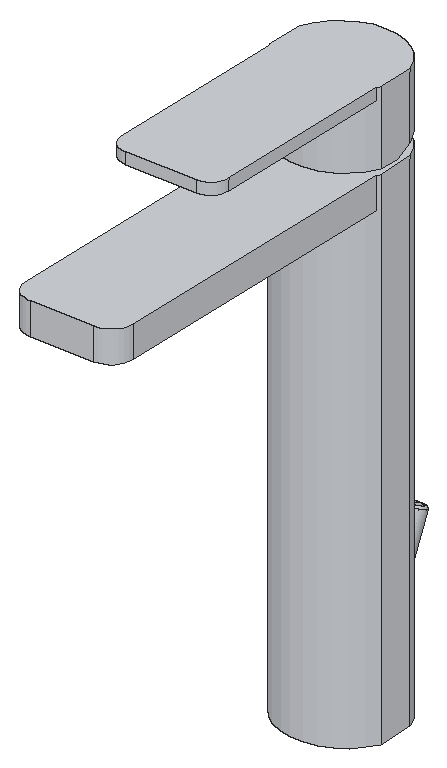
Revit family "Faucet-Lavatory-KOHLER-PARALLEL-K-23475T_1", category Plumbing Fixtures, host Face, Revit 2017
Family settings
  Host = Face
  Round Connector Dimension = Use Diameter
  Part Type = Normal
  OmniClass Number = 23.31.11.00
  OmniClass Title = Faucets
  Cut with Voids When Loaded = No
  Shared = No
  Room Calculation Point = No
Parameters (values of type "With Drain, CP-Polished Chrome")
  Width = 1 15/16"
  WaterSense Certified = 1 = 0  # no
  Waste Water Outlet = "Waste Water Outlet"  # constant formula
  Waste Connection = 1 = 0  # no
  Vent Connection = 1 = 0  # no
  URL = "http://www.kohler.com.cn/en/"
  Type = 1
  Spout Reach = 5 11/32"  # constant formula
  Product Page URL = "http://www.kohler.com.cn/product/K-23475T-4-CP/K-23475T-4-CP/"
  Product Name = "PARALLEL"  # constant formula
  Product Documentation Link = "http://files.kohler.com.cn/pdfs/1546934955021_K-23475T-4-CP_01%20%2023478.pdf"
  Pressure = 0.00 psi
  Model = if(Type = 1, "K-23475T-4-CP", if(Type = 2, "K-23475T-4-BN", if(Type = 3, "K-23475T-4-BL", if(Type = 4, "K-23475T-4-AF", if(Type = 5, "K-23475T-4-RGD", if(Type = 6, "K-23475T-4ND-CP", "NA"))))))  # "K-23475T-4-CP"
  Material = "Premium Metal Construction"  # constant formula
  Master Format 2014 Name = "Residential Faucets, Supplies, and Trim"  # constant formula
  Master Format 2014 = "22 41 39"  # constant formula
  Manufacturer Address = "158 Jiangchang 3rd Road Zhabei District Shanghai, 200436 China "  # constant formula
  Manufacturer = "KOHLER Co."  # constant formula
  Lift Rod = not(Type = 6)  # yes
  Length = Spout Reach  # 5 11/32"
  Hot Water Inlet = "Hot Water Inlet"  # constant formula
  Height = 10 9/32"  # constant formula
  Handle Clearance = 3 15/16"  # constant formula
  HW Connection = 1 = 1  # yes
  Flow Rate = 0 GPM
  Finish = Kohler-Metal-CP-Polished_Chrome
  Environmental Product Declaration = ""
  Drain Included = if(Type = 6, 1 = 0, 1 = 1)  # yes
  Description = "Single handle bowl faucet"  # constant formula
  Default Elevation = 36"
  Declare Label = ""
  Date Modified = "04/21/2020"  # constant formula
  Date Created = "04/21/2020"  # constant formula
  Copyright = "Copyright KOHLER Co."  # constant formula
  Contact Us = "http://www.kohler.com.cn/en/contact/contact-us/"
  Cold Water Inlet = "Cold Water Inlet"  # constant formula
  CW Connection = 1 = 1  # yes
  Assembly Code = "D2010"
  ADA Compliant = 1 = 0  # no
Types (7): name | Type | Product Page URL | Product Documentation Link | Model | Lift Rod | Finish | Drain Included
  (no name) | 1 | "http://www.kohler.com.cn/product/K-23475T-4-CP/K-23475T-4-CP/" | "http://files.kohler.com.cn/pdfs/1546934955021_K-23475T-4-CP_01%20%2023478.pdf" | "K-23475T-4-CP" | yes | Kohler-Metal-CP-Polished_Chrome | yes
  With Drain, CP-Polished Chrome | 1 | "http://www.kohler.com.cn/product/K-23475T-4-CP/K-23475T-4-CP/" | "http://files.kohler.com.cn/pdfs/1546934955021_K-23475T-4-CP_01%20%2023478.pdf" | "K-23475T-4-CP" | yes | Kohler-Metal-CP-Polished_Chrome | yes
  With Drain, BN-Roman silver | 2 | "http://www.kohler.com.cn/product/K-23475T-4-CP/K-23475T-4-BN/" | "http://files.kohler.com.cn/pdfs/1546934955021_K-23475T-4-CP_01%20%2023478.pdf" | "K-23475T-4-BN" | yes | Kohler-Metal-BN-Roman_Silver | yes
  With Drain, BL-Matte Black | 3 | "http://www.kohler.com.cn/product/K-23475T-4-CP/K-23475T-4-BL/" | "http://files.kohler.com.cn/pdfs/1546934955021_K-23475T-4-CP_01%20%2023478.pdf" | "K-23475T-4-BL" | yes | Kohler-Metal-BL-Matte_Black | yes
  With Drain, AF- Flange Gold | 4 | "http://www.kohler.com.cn/product/K-23475T-4-CP/K-23475T-4-AF/" | "http://files.kohler.com.cn/pdfs/1546934955021_K-23475T-4-CP_01%20%2023478.pdf" | "K-23475T-4-AF" | yes | Kohler-Metal-AF-Flange_Gold | yes
  With Drain, RGD-Rose Gold | 5 | "http://www.kohler.com.cn/product/K-23475T-4-CP/K-23475T-4-RGD/" | "http://files.kohler.com.cn/pdfs/1546934955021_K-23475T-4-CP_01%20%2023478.pdf" | "K-23475T-4-RGD" | yes | Kohler-Metal-RGD-Rose_Gold | yes
  Without Drain, CP-Polished Chrome | 6 | "" | "" | "K-23475T-4ND-CP" | no | Kohler-Metal-CP-Polished_Chrome | no
Reference planes (in)
  plane 1 "Center (Front/Back)": y = 0
  plane 2: z = 0
  plane 3 "Center (Left/Right)": x = 0
  plane 4: x = 0.96875
  plane 5: x = 0.9375
  plane 6: x = -0.96875
  plane 7: x = -0.9375
  plane 8: y = -6.09375
  plane 9: y = -3.9375
  plane 10: y = -0.96875
  plane 11: y = 0.96875
  plane 12: y = -5.34375
  plane 13: z = 8.21875
  plane 14: z = 10.28125
  plane 15: y = -3.9375
  plane 16: y = 1.74173
  plane 17: x = -0.43503
  plane 18: x = 0.43503
  plane 19: y = 2.375
Dimensions and locks (in)
  "Spout Reach": plane 1 "Center (Front/Back)" to plane 12
  "Height": level to plane 14
  "Handle Clearance": plane 9 to plane 1 "Center (Front/Back)"
  "Width": plane 6 to plane 4
  locked: plane 7 to plane 5 at 1.875
  locked: level to plane 13 at 8.21875
  locked: plane 1 "Center (Front/Back)" to plane 8 at 6.09375
  "Length": plane 12 to plane 1 "Center (Front/Back)"
  locked: plane 19 to plane 1 "Center (Front/Back)" at 2.375
  aligned and locked: plane 2 to host face
  aligned and locked: level to host face
Automatic sketch dimensions
  host sketch curve to host sketch curve = 96"  (x2)
Nested families (in)
  nested 1: "K-23475T" at (0, 0, 0), type "K-23475T"
Connectors (in)
  piping at (0.43503, 0, 0), diameter 0.5, driven by "CW Connection", driven by "Cold Water Inlet"
    settings: on nested 1, index 1, connector inside diameter 24", connector length 0", flow factor 0, pipe flow 0 GPM, pressure drop 0.00 psi, fitting loss kfactor 0, connector angle 0.00°, fixture units 0, engagement length 0", angle of deflection 0.00°, flow configuration 0, flow direction 1, fitting loss method 0, system type 20, joint type 0, gender type 0, connector reference index -1, connector utility 1, adjustable connector no, is connector primary yes, connector description "Cold Water Inlet"
  piping at (-0.43503, 0, 0), diameter 0.5, driven by "HW Connection", driven by "Hot Water Inlet"
    settings: on nested 1, index 2, connector inside diameter 24", connector length 0", flow factor 0, pipe flow 0 GPM, pressure drop 0.00 psi, fitting loss kfactor 0, connector angle 0.00°, fixture units 0, engagement length 0", angle of deflection 0.00°, flow configuration 0, flow direction 1, fitting loss method 0, system type 19, joint type 0, gender type 0, connector reference index -1, connector utility 1, adjustable connector no, is connector primary no, connector description "Hot Water Inlet"
Definition of nested family "K-23475T"
  Parameters (values of type "K-23475T")
    Material = none
    4ND = yes
  Reference planes (in)
    plane 1 "Center (Front/Back)": y = 0
    plane 2: z = 0
    plane 3 "Center (Left/Right)": x = 0
    plane 4: y = 0.96875
    plane 5: y = -0.96875
    plane 6: z = 10.28125
    plane 7: z = 8.21875
    plane 8: x = -0.96875
    plane 9: x = 0.96875
    plane 10: x = -0.9375
    plane 11: x = 0.9375
    plane 12: y = -6.09375
    plane 13: y = -5.34375
    plane 14: through (0, -5.34375, 8.10251) normal (0, -0.9063, 0.4226)
    plane 15: y = 2.375
    plane 16: y = 1.74173
    plane 17: y = -3.9375
    plane 18: x = -0.43503
    plane 19: x = 0.43503
  Forms (in)
    Extrusion 1, solid, material <- "Material", detail levels medium+fine
      sketch origin (0, 0, 0) x (1, 0, 0) y (0, 1, 0)
        loop
          line (-0.96875, 0.29419) -> (-0.96875, -0.35108)
          arc (-0.96875, -0.35108) -> (0, -0.96875) -> (0.96875, -0.35108) r 1.06853
          line (0.96875, -0.35108) -> (0.96875, 0.29419)
          arc (0.96875, 0.29419) -> (0, 0.96875) -> (-0.96875, 0.29419) r 1.0329
      from 0 to 8.91732
    Extrusion 2, solid, material <- "Material", detail levels medium+fine
      sketch origin (0, 0, 0) x (1, 0, 0) y (0, 1, 0)
        loop
          line (-0.55477, -6.09375) -> (0.55477, -6.09375)
          arc (0.55477, -6.09375) -> (0.8254, -5.98165) -> (0.9375, -5.71102) r 0.38273
          line (0.9375, -5.71102) -> (0.9375, 0) -> (-0.9375, 0) -> (-0.9375, -5.71102)
          arc (-0.9375, -5.71102) -> (-0.8254, -5.98165) -> (-0.55477, -6.09375) r 0.38273
      from 8.36614 to 8.91732
    Extrusion 3, solid, material <- "Material", detail levels medium+fine
      sketch origin (0, 0, 9) x (1, 0, 0) y (0, 1, 0)
        loop
          line (-0.96875, 0.29419) -> (-0.96875, -0.35108)
          arc (-0.96875, -0.35108) -> (0, -0.96875) -> (0.96875, -0.35108) r 1.06853
          line (0.96875, -0.35108) -> (0.96875, 0.29419)
          arc (0.96875, 0.29419) -> (0, 0.96875) -> (-0.96875, 0.29419) r 1.0329
      from 0 to 1.28125
    Revolve 4, solid, material <- "Material", detail levels medium+fine
      sketch origin (0, 0, 0) x (0, 1, 0) y (0, 0, 1)
        loop
          line (0, 9.53196) -> (0, 8.91732) -> (0.78685, 8.91732)
          arc (0.78685, 8.91732) -> (0.76344, 8.93263) -> (0.75436, 8.95908) r 0.04309
          line (0.75436, 8.95908) -> (0.75436, 9.53196) -> (0, 9.53196)
        axis (0, 9.53196) -> (0, 8.91732)
      angle from 0 to 360
    Extrusion 5, void
      sketch origin (0, 0, 0) x (0, 1, 0) y (0, 0, 1)
        loop
          line (-0.00884, 9) -> (1.24564, 9) -> (1.24564, 9.35039) -> (0.8223, 9.35039)
          arc (0.8223, 9.35039) -> (0.77912, 9.34586) -> (0.73782, 9.33244) r 0.2077
          line (0.73782, 9.33244) -> (-0.00884, 9)
      from -1.5494 to 12
    Extrusion 6, solid, material <- "Material", detail levels medium+fine
      sketch origin (0, 0, 0) x (1, 0, 0) y (0, 1, 0)
        loop
          line (-0.9375, 0) -> (-0.9375, -3.61531)
          arc (-0.9375, -3.61531) -> (-0.84313, -3.84313) -> (-0.61531, -3.9375) r 0.32219
          line (-0.61531, -3.9375) -> (0.62024, -3.9375)
          arc (0.62024, -3.9375) -> (0.84458, -3.84458) -> (0.9375, -3.62024) r 0.31726
          line (0.9375, -3.62024) -> (0.9375, 0) -> (-0.9375, 0)
      from 10.08661 to 10.28125
    Revolve 7, solid, material <- "Material", detail levels medium+fine
      sketch origin (0, 0, 0) x (0, 1, 0) y (0, 0, 1)
        loop
          line (-5.31322, 8.13228) -> (-4.99308, 8.04529)
          arc (-4.99308, 8.04529) -> (-4.94482, 8.07054) -> (-4.90967, 8.11213) r 0.1416
          line (-4.90967, 8.11213) -> (-4.77345, 8.07512)
          arc (-4.77345, 8.07512) -> (-4.74981, 8.07729) -> (-4.73335, 8.0944) r 0.03399
          arc (-4.73335, 8.0944) -> (-4.62587, 8.25463) -> (-4.46843, 8.36614) r 0.53346
          line (-4.46843, 8.36614) -> (-5.24969, 8.36614) -> (-5.31322, 8.13228)
        axis (-5.19598, 8.56381) -> (-5.31323, 8.13228)
      angle from 0 to 360
    Revolve 8, solid, material <- "Material", visible <- "4ND", detail levels medium+fine
      sketch origin (0, 0, 0) x (0, 1, 0) y (0, 0, 1)
        loop
          line (1.15929, 1.92054) -> (0.80011, 1.13238) -> (0.88072, 1.09565) -> (1.56643, 2.60031) -> (1.40608, 2.67339)
          arc (1.40608, 2.67339) -> (1.37535, 2.67446) -> (1.35286, 2.65349) r 0.04018
          line (1.35286, 2.65349) -> (1.05419, 1.99812)
          arc (1.05419, 1.99812) -> (1.05347, 1.97746) -> (1.06757, 1.96234) r 0.02701
          line (1.06757, 1.96234) -> (1.15929, 1.92054)
        axis (1.56643, 2.60031) -> (0.88072, 1.09565)
      angle from 0 to 360
    Extrusion 9, solid, detail levels medium+fine
      sketch origin (0, -2.25518, -1.03743) x (1, 0, 0) y (0, 0.965926, -0.258819)
        loop
          line (-0.17669, -5.13203) -> (-0.1363, -5.17101)
          spline (-0.1363, -5.17101) -> (-0.13379, -5.16881) -> (-0.13124, -5.16664) -> (-0.12865, -5.16452) -> (-0.12602, -5.16244) -> (-0.12336, -5.16041) -> (-0.12066, -5.15842) -> (-0.11793, -5.15647) -> (-0.11517, -5.15457) -> (-0.11237, -5.15271) -> (-0.10954, -5.1509) -> (-0.10668, -5.14913) -> (-0.10378, -5.14742)
          line (-0.10378, -5.14742) -> (-0.13233, -5.0997)
          spline (-0.13233, -5.0997) -> (-0.13629, -5.10203) -> (-0.14021, -5.10444) -> (-0.14408, -5.1069) -> (-0.14791, -5.10944) -> (-0.15169, -5.11204) -> (-0.15542, -5.11471) -> (-0.1591, -5.11744) -> (-0.16272, -5.12024) -> (-0.1663, -5.12309) -> (-0.16982, -5.12601) -> (-0.17328, -5.12899) -> (-0.17669, -5.13203)
        loop
          line (-0.21891, -5.18697) -> (-0.16948, -5.21355)
          spline (-0.16948, -5.21355) -> (-0.16766, -5.21075) -> (-0.16579, -5.20798) -> (-0.16387, -5.20523) -> (-0.1619, -5.20252) -> (-0.15989, -5.19984) -> (-0.15783, -5.1972) -> (-0.15573, -5.19458) -> (-0.15358, -5.192) -> (-0.15139, -5.18946) -> (-0.14916, -5.18695) -> (-0.14688, -5.18447) -> (-0.14456, -5.18204)
          line (-0.14456, -5.18204) -> (-0.18496, -5.14383)
          spline (-0.18496, -5.14383) -> (-0.18815, -5.14715) -> (-0.19127, -5.15052) -> (-0.19433, -5.15395) -> (-0.19732, -5.15743) -> (-0.20026, -5.16095) -> (-0.20312, -5.16453) -> (-0.20592, -5.16816) -> (-0.20866, -5.17183) -> (-0.21133, -5.17555) -> (-0.21392, -5.17931) -> (-0.21645, -5.18312) -> (-0.21891, -5.18697)
        loop
          line (-0.25594, -5.30951) -> (-0.19981, -5.30902)
          spline (-0.19981, -5.30902) -> (-0.19956, -5.30568) -> (-0.19926, -5.30235) -> (-0.1989, -5.29903) -> (-0.19848, -5.2957) -> (-0.19801, -5.29239) -> (-0.19748, -5.28907) -> (-0.1969, -5.28577) -> (-0.19626, -5.28248) -> (-0.19556, -5.27919) -> (-0.19481, -5.27592) -> (-0.19401, -5.27265) -> (-0.19315, -5.2694)
          line (-0.19315, -5.2694) -> (-0.24695, -5.25536)
          spline (-0.24695, -5.25536) -> (-0.24814, -5.2598) -> (-0.24925, -5.26426) -> (-0.25029, -5.26874) -> (-0.25124, -5.27323) -> (-0.25211, -5.27773) -> (-0.2529, -5.28225) -> (-0.25361, -5.28677) -> (-0.25424, -5.29131) -> (-0.25479, -5.29585) -> (-0.25525, -5.3004) -> (-0.25564, -5.30495) -> (-0.25594, -5.30951)
        loop
          line (-0.24707, -5.24153) -> (-0.1927, -5.25546)
          spline (-0.1927, -5.25546) -> (-0.1916, -5.2523) -> (-0.19045, -5.24916) -> (-0.18925, -5.24604) -> (-0.18799, -5.24294) -> (-0.18669, -5.23985) -> (-0.18533, -5.23679) -> (-0.18391, -5.23374) -> (-0.18245, -5.23072) -> (-0.18093, -5.22773) -> (-0.17937, -5.22475) -> (-0.17775, -5.22181) -> (-0.17609, -5.21888)
          line (-0.17609, -5.21888) -> (-0.22448, -5.19151)
          spline (-0.22448, -5.19151) -> (-0.22678, -5.19549) -> (-0.229, -5.19952) -> (-0.23114, -5.20358) -> (-0.23321, -5.20767) -> (-0.23521, -5.2118) -> (-0.23714, -5.21596) -> (-0.23899, -5.22015) -> (-0.24076, -5.22438) -> (-0.24245, -5.22863) -> (-0.24407, -5.2329) -> (-0.24561, -5.23721) -> (-0.24707, -5.24153)
        loop
          line (-0.24522, -5.37164) -> (-0.19097, -5.3572)
          spline (-0.19097, -5.3572) -> (-0.19156, -5.35391) -> (-0.19209, -5.35061) -> (-0.19257, -5.3473) -> (-0.19299, -5.34398) -> (-0.19336, -5.34065) -> (-0.19367, -5.33731) -> (-0.19393, -5.33396) -> (-0.19413, -5.33061) -> (-0.19427, -5.32726) -> (-0.19436, -5.3239) -> (-0.19439, -5.32054) -> (-0.19436, -5.31717)
          line (-0.19436, -5.31717) -> (-0.24997, -5.31695)
          spline (-0.24997, -5.31695) -> (-0.25002, -5.32155) -> (-0.24999, -5.32614) -> (-0.24988, -5.33073) -> (-0.24968, -5.33532) -> (-0.24941, -5.3399) -> (-0.24905, -5.34447) -> (-0.24861, -5.34903) -> (-0.2481, -5.35358) -> (-0.2475, -5.35812) -> (-0.24682, -5.36264) -> (-0.24606, -5.36715) -> (-0.24522, -5.37164)
        loop
          line (-0.22001, -5.43617) -> (-0.1717, -5.4076)
          spline (-0.1717, -5.4076) -> (-0.17316, -5.40459) -> (-0.17457, -5.40155) -> (-0.17592, -5.39849) -> (-0.17723, -5.39541) -> (-0.17848, -5.3923) -> (-0.17969, -5.38917) -> (-0.18084, -5.38602) -> (-0.18194, -5.38285) -> (-0.18298, -5.37966) -> (-0.18398, -5.37645) -> (-0.18492, -5.37322) -> (-0.1858, -5.36998)
          line (-0.1858, -5.36998) -> (-0.23939, -5.38482)
          spline (-0.23939, -5.38482) -> (-0.23819, -5.38926) -> (-0.23692, -5.39367) -> (-0.23557, -5.39806) -> (-0.23414, -5.40242) -> (-0.23264, -5.40676) -> (-0.23106, -5.41106) -> (-0.2294, -5.41533) -> (-0.22767, -5.41957) -> (-0.22587, -5.42378) -> (-0.22399, -5.42795) -> (-0.22204, -5.43208) -> (-0.22001, -5.43617)
        loop
          line (-0.13424, -5.53121) -> (-0.10565, -5.4829)
          spline (-0.10565, -5.4829) -> (-0.10838, -5.48097) -> (-0.11107, -5.47899) -> (-0.11374, -5.47696) -> (-0.11636, -5.47488) -> (-0.11896, -5.47276) -> (-0.12152, -5.4706) -> (-0.12405, -5.46839) -> (-0.12654, -5.46614) -> (-0.12899, -5.46385) -> (-0.13141, -5.46151) -> (-0.13378, -5.45914) -> (-0.13612, -5.45672)
          line (-0.13612, -5.45672) -> (-0.17595, -5.49552)
          spline (-0.17595, -5.49552) -> (-0.17276, -5.49884) -> (-0.16952, -5.5021) -> (-0.16622, -5.50529) -> (-0.16287, -5.50843) -> (-0.15947, -5.5115) -> (-0.15601, -5.51451) -> (-0.1525, -5.51746) -> (-0.14895, -5.52035) -> (-0.14534, -5.52316) -> (-0.14169, -5.52591) -> (-0.13799, -5.5286) -> (-0.13424, -5.53121)
        loop
          line (-0.18785, -5.48848) -> (-0.14782, -5.44913)
          spline (-0.14782, -5.44913) -> (-0.14996, -5.44656) -> (-0.15206, -5.44396) -> (-0.15411, -5.44131) -> (-0.15612, -5.43863) -> (-0.15808, -5.43592) -> (-0.16, -5.43317) -> (-0.16188, -5.43039) -> (-0.16371, -5.42757) -> (-0.16549, -5.42473) -> (-0.16722, -5.42185) -> (-0.16891, -5.41894) -> (-0.17055, -5.41601)
          line (-0.17055, -5.41601) -> (-0.219, -5.44329)
          spline (-0.219, -5.44329) -> (-0.21678, -5.44731) -> (-0.21448, -5.45129) -> (-0.21211, -5.45523) -> (-0.20968, -5.45912) -> (-0.20718, -5.46296) -> (-0.20461, -5.46676) -> (-0.20197, -5.47051) -> (-0.19928, -5.47421) -> (-0.19651, -5.47786) -> (-0.19369, -5.48145) -> (-0.1908, -5.485) -> (-0.18785, -5.48848)
        loop
          line (-0.07576, -5.55406) -> (-0.06003, -5.50018)
          spline (-0.06003, -5.50018) -> (-0.06315, -5.49898) -> (-0.06625, -5.49773) -> (-0.06933, -5.49642) -> (-0.07239, -5.49506) -> (-0.07543, -5.49365) -> (-0.07845, -5.49219) -> (-0.08144, -5.49067) -> (-0.08441, -5.48911) -> (-0.08735, -5.4875) -> (-0.09027, -5.48583) -> (-0.09317, -5.48412) -> (-0.09603, -5.48236)
          line (-0.09603, -5.48236) -> (-0.12501, -5.52981)
          spline (-0.12501, -5.52981) -> (-0.1211, -5.53223) -> (-0.11715, -5.53459) -> (-0.11317, -5.53687) -> (-0.10914, -5.53908) -> (-0.10508, -5.54121) -> (-0.10099, -5.54327) -> (-0.09686, -5.54526) -> (-0.0927, -5.54717) -> (-0.08851, -5.54901) -> (-0.08429, -5.55077) -> (-0.08004, -5.55245) -> (-0.07576, -5.55406)
        loop
          line (-0.0075, -5.56591) -> (-0.00694, -5.50978)
          spline (-0.00694, -5.50978) -> (-0.01027, -5.50947) -> (-0.01359, -5.5091) -> (-0.01691, -5.50868) -> (-0.02022, -5.5082) -> (-0.02353, -5.50766) -> (-0.02683, -5.50707) -> (-0.03012, -5.50643) -> (-0.03341, -5.50573) -> (-0.03668, -5.50497) -> (-0.03994, -5.50416) -> (-0.04319, -5.50329) -> (-0.04642, -5.50237)
          line (-0.04642, -5.50237) -> (-0.06147, -5.5559)
          spline (-0.06147, -5.5559) -> (-0.05705, -5.55717) -> (-0.05262, -5.55837) -> (-0.04816, -5.55949) -> (-0.04369, -5.56052) -> (-0.0392, -5.56148) -> (-0.0347, -5.56236) -> (-0.03019, -5.56315) -> (-0.02567, -5.56387) -> (-0.02114, -5.5645) -> (-0.0166, -5.56505) -> (-0.01205, -5.56552) -> (-0.0075, -5.56591)
        loop
          line (0.11821, -5.54173) -> (0.09169, -5.49226)
          spline (0.09169, -5.49226) -> (0.08862, -5.49359) -> (0.08553, -5.49487) -> (0.08241, -5.4961) -> (0.07928, -5.49727) -> (0.07612, -5.4984) -> (0.07295, -5.49947) -> (0.06975, -5.50049) -> (0.06653, -5.50145) -> (0.0633, -5.50236) -> (0.06005, -5.50322) -> (0.05679, -5.50403) -> (0.05351, -5.50478)
          line (0.05351, -5.50478) -> (0.06609, -5.55894)
          spline (0.06609, -5.55894) -> (0.07058, -5.55793) -> (0.07504, -5.55684) -> (0.07948, -5.55568) -> (0.0839, -5.55443) -> (0.08829, -5.55311) -> (0.09266, -5.55171) -> (0.097, -5.55024) -> (0.10131, -5.54869) -> (0.10558, -5.54706) -> (0.10983, -5.54536) -> (0.11404, -5.54358) -> (0.11821, -5.54173)
        loop
          line (0.0539, -5.56548) -> (0.04096, -5.51086)
          spline (0.04096, -5.51086) -> (0.03766, -5.51136) -> (0.03434, -5.5118) -> (0.03102, -5.51219) -> (0.02768, -5.51252) -> (0.02435, -5.51279) -> (0.021, -5.51301) -> (0.01765, -5.51318) -> (0.01429, -5.51328) -> (0.01094, -5.51333) -> (0.00758, -5.51333) -> (0.00422, -5.51327) -> (0.00085, -5.51315)
          line (0.00085, -5.51315) -> (-0.00089, -5.56873)
          spline (-0.00089, -5.56873) -> (0.0037, -5.56891) -> (0.0083, -5.569) -> (0.01289, -5.56901) -> (0.01748, -5.56895) -> (0.02207, -5.5688) -> (0.02664, -5.56857) -> (0.03122, -5.56825) -> (0.03578, -5.56786) -> (0.04033, -5.56739) -> (0.04487, -5.56683) -> (0.04939, -5.56619) -> (0.0539, -5.56548)
        loop
          line (0.16823, -5.50336) -> (0.13024, -5.46204)
          spline (0.13024, -5.46204) -> (0.1276, -5.46409) -> (0.12493, -5.4661) -> (0.12222, -5.46806) -> (0.11947, -5.46998) -> (0.11669, -5.47185) -> (0.11388, -5.47368) -> (0.11104, -5.47546) -> (0.10816, -5.47719) -> (0.10526, -5.47888) -> (0.10233, -5.48052) -> (0.09937, -5.48211) -> (0.09638, -5.48365)
          line (0.09638, -5.48365) -> (0.12202, -5.53298)
          spline (0.12202, -5.53298) -> (0.12612, -5.53089) -> (0.13017, -5.52873) -> (0.13419, -5.5265) -> (0.13816, -5.52419) -> (0.14208, -5.52182) -> (0.14596, -5.51938) -> (0.1498, -5.51687) -> (0.15359, -5.5143) -> (0.15732, -5.51166) -> (0.16101, -5.50896) -> (0.16465, -5.50619) -> (0.16823, -5.50336)
        loop
          line (0.21366, -5.45104) -> (0.1659, -5.42155)
          spline (0.1659, -5.42155) -> (0.16391, -5.42424) -> (0.16188, -5.4269) -> (0.1598, -5.42952) -> (0.15768, -5.43211) -> (0.15551, -5.43467) -> (0.1533, -5.43719) -> (0.15105, -5.43967) -> (0.14875, -5.44212) -> (0.14641, -5.44453) -> (0.14403, -5.4469) -> (0.14161, -5.44923) -> (0.13915, -5.45152)
          line (0.13915, -5.45152) -> (0.1772, -5.49207)
          spline (0.1772, -5.49207) -> (0.18057, -5.48895) -> (0.18389, -5.48577) -> (0.18715, -5.48253) -> (0.19034, -5.47924) -> (0.19348, -5.4759) -> (0.19656, -5.4725) -> (0.19957, -5.46905) -> (0.20252, -5.46554) -> (0.20541, -5.46199) -> (0.20822, -5.45839) -> (0.21098, -5.45474) -> (0.21366, -5.45104)
        loop
          line (0.25794, -5.33093) -> (0.20188, -5.32807)
          spline (0.20188, -5.32807) -> (0.20143, -5.33138) -> (0.20093, -5.33469) -> (0.20037, -5.33799) -> (0.19976, -5.34128) -> (0.19909, -5.34456) -> (0.19836, -5.34784) -> (0.19758, -5.3511) -> (0.19675, -5.35435) -> (0.19586, -5.35759) -> (0.19491, -5.36081) -> (0.19391, -5.36402) -> (0.19286, -5.36722)
          line (0.19286, -5.36722) -> (0.24573, -5.38444)
          spline (0.24573, -5.38444) -> (0.24718, -5.38008) -> (0.24856, -5.3757) -> (0.24986, -5.37129) -> (0.25108, -5.36687) -> (0.25222, -5.36242) -> (0.25328, -5.35796) -> (0.25425, -5.35349) -> (0.25515, -5.349) -> (0.25597, -5.34449) -> (0.25671, -5.33998) -> (0.25736, -5.33546) -> (0.25794, -5.33093)
        loop
          line (0.24503, -5.39825) -> (0.19158, -5.3811)
          spline (0.19158, -5.3811) -> (0.1903, -5.38419) -> (0.18896, -5.38726) -> (0.18758, -5.3903) -> (0.18614, -5.39333) -> (0.18465, -5.39633) -> (0.18311, -5.39931) -> (0.18152, -5.40226) -> (0.17987, -5.40519) -> (0.17818, -5.40809) -> (0.17644, -5.41096) -> (0.17465, -5.41381) -> (0.17282, -5.41663)
          line (0.17282, -5.41663) -> (0.21949, -5.44684)
          spline (0.21949, -5.44684) -> (0.22202, -5.443) -> (0.22447, -5.43912) -> (0.22686, -5.43519) -> (0.22917, -5.43123) -> (0.23141, -5.42723) -> (0.23358, -5.42319) -> (0.23568, -5.41911) -> (0.2377, -5.415) -> (0.23965, -5.41086) -> (0.24152, -5.40669) -> (0.24331, -5.40249) -> (0.24503, -5.39825)
        loop
          line (0.24817, -5.25515) -> (0.19462, -5.27197)
          arc (0.19462, -5.27197) -> (0.19943, -5.2918) -> (0.19623, -5.31196) r 0.05195
          line (0.19623, -5.31196) -> (0.25534, -5.30957)
          spline (0.25534, -5.30957) -> (0.25519, -5.30498) -> (0.25495, -5.30039) -> (0.25464, -5.29581) -> (0.25424, -5.29123) -> (0.25376, -5.28667) -> (0.25321, -5.28212) -> (0.25257, -5.27758) -> (0.25185, -5.27306) -> (0.25105, -5.26856) -> (0.25017, -5.26407) -> (0.24921, -5.2596) -> (0.24817, -5.25515)
        loop
          line (0.22013, -5.1918) -> (0.17314, -5.22249)
          spline (0.17314, -5.22249) -> (0.17472, -5.22543) -> (0.17626, -5.2284) -> (0.17775, -5.23139) -> (0.1792, -5.23442) -> (0.18059, -5.23746) -> (0.18193, -5.24054) -> (0.18322, -5.24363) -> (0.18446, -5.24675) -> (0.18564, -5.2499) -> (0.18678, -5.25306) -> (0.18786, -5.25624) -> (0.18889, -5.25944)
          line (0.18889, -5.25944) -> (0.24177, -5.24224)
          spline (0.24177, -5.24224) -> (0.24038, -5.23786) -> (0.23891, -5.23351) -> (0.23736, -5.22918) -> (0.23574, -5.22489) -> (0.23405, -5.22062) -> (0.23228, -5.2164) -> (0.23044, -5.2122) -> (0.22852, -5.20804) -> (0.22653, -5.20392) -> (0.22447, -5.19984) -> (0.22234, -5.1958) -> (0.22013, -5.1918)
        loop
          line (0.13023, -5.10065) -> (0.10382, -5.15018)
          spline (0.10382, -5.15018) -> (0.10662, -5.15199) -> (0.1094, -5.15385) -> (0.11215, -5.15576) -> (0.11487, -5.15772) -> (0.11756, -5.15972) -> (0.12021, -5.16177) -> (0.12283, -5.16386) -> (0.12542, -5.166) -> (0.12797, -5.16818) -> (0.13049, -5.17041) -> (0.13297, -5.17268) -> (0.13542, -5.17499)
          line (0.13542, -5.17499) -> (0.17348, -5.13446)
          spline (0.17348, -5.13446) -> (0.17015, -5.13129) -> (0.16677, -5.12818) -> (0.16333, -5.12513) -> (0.15985, -5.12214) -> (0.15631, -5.11922) -> (0.15272, -5.11637) -> (0.14909, -5.11358) -> (0.1454, -5.11086) -> (0.14168, -5.1082) -> (0.1379, -5.10562) -> (0.13409, -5.1031) -> (0.13023, -5.10065)
        loop
          line (0.18568, -5.14096) -> (0.14744, -5.18205)
          spline (0.14744, -5.18205) -> (0.14969, -5.18452) -> (0.1519, -5.18703) -> (0.15407, -5.18958) -> (0.15619, -5.19217) -> (0.15827, -5.1948) -> (0.16031, -5.19746) -> (0.16231, -5.20015) -> (0.16426, -5.20288) -> (0.16617, -5.20565) -> (0.16803, -5.20844) -> (0.16985, -5.21127) -> (0.17162, -5.21413)
          line (0.17162, -5.21413) -> (0.21881, -5.18473)
          spline (0.21881, -5.18473) -> (0.21641, -5.18081) -> (0.21393, -5.17694) -> (0.2114, -5.17311) -> (0.20879, -5.16933) -> (0.20612, -5.1656) -> (0.20339, -5.16192) -> (0.20059, -5.15829) -> (0.19773, -5.15472) -> (0.19481, -5.15119) -> (0.19183, -5.14773) -> (0.18878, -5.14432) -> (0.18568, -5.14096)
        loop
          line (0.07055, -5.08035) -> (0.05727, -5.13489)
          spline (0.05727, -5.13489) -> (0.06044, -5.13595) -> (0.0636, -5.13706) -> (0.06673, -5.13822) -> (0.06985, -5.13944) -> (0.07295, -5.14071) -> (0.07603, -5.14204) -> (0.07909, -5.14341) -> (0.08213, -5.14484) -> (0.08515, -5.14632) -> (0.08814, -5.14785) -> (0.0911, -5.14943) -> (0.09405, -5.15106)
          line (0.09405, -5.15106) -> (0.12084, -5.10234)
          spline (0.12084, -5.10234) -> (0.11683, -5.1001) -> (0.11278, -5.09793) -> (0.10869, -5.09583) -> (0.10457, -5.0938) -> (0.10042, -5.09185) -> (0.09624, -5.08998) -> (0.09202, -5.08818) -> (0.08778, -5.08646) -> (0.08351, -5.08482) -> (0.07921, -5.08325) -> (0.07489, -5.08176) -> (0.07055, -5.08035)
        loop
          line (0.00182, -5.07161) -> (0.0038, -5.12771)
          spline (0.0038, -5.12771) -> (0.00714, -5.12787) -> (0.01048, -5.12808) -> (0.01381, -5.12835) -> (0.01715, -5.12868) -> (0.02047, -5.12907) -> (0.0238, -5.12951) -> (0.02712, -5.13) -> (0.03043, -5.13056) -> (0.03373, -5.13116) -> (0.03702, -5.13183) -> (0.04031, -5.13255) -> (0.04358, -5.13332)
          line (0.04358, -5.13332) -> (0.05619, -5.07916)
          spline (0.05619, -5.07916) -> (0.05172, -5.07809) -> (0.04723, -5.0771) -> (0.04273, -5.07618) -> (0.03822, -5.07535) -> (0.03369, -5.0746) -> (0.02915, -5.07393) -> (0.02461, -5.07334) -> (0.02006, -5.07283) -> (0.0155, -5.0724) -> (0.01094, -5.07206) -> (0.00638, -5.07179) -> (0.00182, -5.07161)
        loop
          line (-0.12267, -5.10147) -> (-0.09393, -5.14968)
          spline (-0.09393, -5.14968) -> (-0.09092, -5.14821) -> (-0.08789, -5.14679) -> (-0.08484, -5.14543) -> (-0.08176, -5.14411) -> (-0.07866, -5.14284) -> (-0.07553, -5.14163) -> (-0.07239, -5.14047) -> (-0.06922, -5.13936) -> (-0.06603, -5.1383) -> (-0.06282, -5.1373) -> (-0.0596, -5.13634) -> (-0.05636, -5.13545)
          line (-0.05636, -5.13545) -> (-0.07138, -5.08191)
          spline (-0.07138, -5.08191) -> (-0.07582, -5.08312) -> (-0.08023, -5.08441) -> (-0.08461, -5.08578) -> (-0.08897, -5.08722) -> (-0.0933, -5.08874) -> (-0.0976, -5.09033) -> (-0.10186, -5.092) -> (-0.1061, -5.09375) -> (-0.11029, -5.09557) -> (-0.11446, -5.09746) -> (-0.11858, -5.09943) -> (-0.12267, -5.10147)
        loop
          line (-0.0595, -5.07483) -> (-0.0441, -5.1288)
          spline (-0.0441, -5.1288) -> (-0.04082, -5.12815) -> (-0.03753, -5.12756) -> (-0.03422, -5.12702) -> (-0.03091, -5.12654) -> (-0.02759, -5.12612) -> (-0.02425, -5.12574) -> (-0.02091, -5.12543) -> (-0.01757, -5.12517) -> (-0.01422, -5.12497) -> (-0.01086, -5.12482) -> (-0.0075, -5.12473) -> (-0.00413, -5.12469)
          line (-0.00413, -5.12469) -> (-0.00491, -5.06909)
          spline (-0.00491, -5.06909) -> (-0.00951, -5.06912) -> (-0.0141, -5.06924) -> (-0.01869, -5.06943) -> (-0.02328, -5.06971) -> (-0.02785, -5.07007) -> (-0.03241, -5.0705) -> (-0.03696, -5.07102) -> (-0.0415, -5.07162) -> (-0.04603, -5.0723) -> (-0.05054, -5.07306) -> (-0.05503, -5.07391) -> (-0.0595, -5.07483)
        loop
          line (-0.06699, -5.32881) -> (-0.13091, -5.32881)
          spline (-0.13091, -5.32881) -> (-0.12951, -5.33738) -> (-0.12751, -5.34583) -> (-0.12491, -5.35414) -> (-0.12174, -5.36225) -> (-0.118, -5.37014) -> (-0.11371, -5.37776) -> (-0.1089, -5.38509) -> (-0.10358, -5.39208) -> (-0.09778, -5.3987) -> (-0.09152, -5.40493) -> (-0.08484, -5.41074) -> (-0.07777, -5.41609)
          line (-0.07777, -5.41609) -> (-0.04592, -5.36286)
          spline (-0.04592, -5.36286) -> (-0.04845, -5.36056) -> (-0.05086, -5.35814) -> (-0.05314, -5.3556) -> (-0.05529, -5.35296) -> (-0.05729, -5.35022) -> (-0.05915, -5.34738) -> (-0.06086, -5.34446) -> (-0.06241, -5.34146) -> (-0.0638, -5.33838) -> (-0.06503, -5.33524) -> (-0.0661, -5.33205) -> (-0.06699, -5.32881)
        loop
          line (-0.04275, -5.26115) -> (-0.07442, -5.20821)
          spline (-0.07442, -5.20821) -> (-0.08193, -5.21355) -> (-0.08903, -5.21939) -> (-0.09569, -5.2257) -> (-0.10187, -5.23245) -> (-0.10753, -5.2396) -> (-0.11266, -5.24712) -> (-0.11723, -5.25497) -> (-0.12121, -5.26311) -> (-0.12458, -5.27151) -> (-0.12733, -5.28011) -> (-0.12944, -5.28888) -> (-0.13091, -5.29777)
          line (-0.13091, -5.29777) -> (-0.06699, -5.29777)
          spline (-0.06699, -5.29777) -> (-0.066, -5.29421) -> (-0.0648, -5.29071) -> (-0.0634, -5.28727) -> (-0.06181, -5.28392) -> (-0.06003, -5.28066) -> (-0.05806, -5.27749) -> (-0.05591, -5.27444) -> (-0.0536, -5.27151) -> (-0.05111, -5.26871) -> (-0.04847, -5.26604) -> (-0.04568, -5.26352) -> (-0.04275, -5.26115)
        loop
          line (0.02152, -5.25013) -> (0.05337, -5.1969)
          spline (0.05337, -5.1969) -> (0.04487, -5.19361) -> (0.03616, -5.19089) -> (0.02727, -5.18876) -> (0.01826, -5.18724) -> (0.00915, -5.18632) -> (0, -5.18601) -> (-0.00915, -5.18632) -> (-0.01826, -5.18724) -> (-0.02727, -5.18876) -> (-0.03616, -5.19089) -> (-0.04487, -5.19361) -> (-0.05337, -5.1969)
          line (-0.05337, -5.1969) -> (-0.02152, -5.25013)
          spline (-0.02152, -5.25013) -> (-0.01803, -5.24912) -> (-0.01448, -5.24829) -> (-0.0109, -5.24764) -> (-0.00728, -5.24717) -> (-0.00365, -5.24689) -> (0, -5.2468) -> (0.00365, -5.24689) -> (0.00728, -5.24717) -> (0.0109, -5.24764) -> (0.01448, -5.24829) -> (0.01803, -5.24912) -> (0.02152, -5.25013)
        loop
          line (0.13134, -5.3249) -> (0.06784, -5.3249)
          spline (0.06784, -5.3249) -> (0.06703, -5.32868) -> (0.06599, -5.3324) -> (0.06473, -5.33606) -> (0.06325, -5.33964) -> (0.06156, -5.34314) -> (0.05967, -5.34653) -> (0.05757, -5.34982) -> (0.05528, -5.35297) -> (0.0528, -5.356) -> (0.05015, -5.35888) -> (0.04732, -5.36161) -> (0.04434, -5.36418)
          line (0.04434, -5.36418) -> (0.07609, -5.41725)
          spline (0.07609, -5.41725) -> (0.08365, -5.41169) -> (0.09077, -5.40563) -> (0.09742, -5.39908) -> (0.10357, -5.39209) -> (0.10918, -5.3847) -> (0.11422, -5.37693) -> (0.11867, -5.36883) -> (0.1225, -5.36044) -> (0.1257, -5.35181) -> (0.12825, -5.34298) -> (0.13013, -5.33399) -> (0.13134, -5.3249)
        loop
          line (0.07777, -5.21049) -> (0.04592, -5.26372)
          spline (0.04592, -5.26372) -> (0.04845, -5.26602) -> (0.05086, -5.26844) -> (0.05314, -5.27097) -> (0.05529, -5.27362) -> (0.05729, -5.27636) -> (0.05915, -5.27919) -> (0.06086, -5.28212) -> (0.06241, -5.28512) -> (0.0638, -5.2882) -> (0.06503, -5.29133) -> (0.0661, -5.29453) -> (0.06699, -5.29777)
          line (0.06699, -5.29777) -> (0.13091, -5.29777)
          spline (0.13091, -5.29777) -> (0.12951, -5.2892) -> (0.12751, -5.28075) -> (0.12491, -5.27244) -> (0.12174, -5.26433) -> (0.118, -5.25644) -> (0.11371, -5.24881) -> (0.1089, -5.24149) -> (0.10358, -5.2345) -> (0.09778, -5.22787) -> (0.09152, -5.22164) -> (0.08484, -5.21584) -> (0.07777, -5.21049)
        loop
          line (0.05646, -5.42831) -> (0.02476, -5.37533)
          spline (0.02476, -5.37533) -> (0.02278, -5.37604) -> (0.02078, -5.37668) -> (0.01876, -5.37727) -> (0.01672, -5.37779) -> (0.01466, -5.37825) -> (0.01259, -5.37866) -> (0.01051, -5.379) -> (0.00842, -5.37928) -> (0.00632, -5.3795) -> (0.00422, -5.37965) -> (0.00211, -5.37975) -> (0, -5.37978)
          spline (0, -5.37978) -> (-0.00211, -5.37975) -> (-0.00422, -5.37965) -> (-0.00632, -5.3795) -> (-0.00842, -5.37928) -> (-0.01051, -5.379) -> (-0.01259, -5.37866) -> (-0.01466, -5.37825) -> (-0.01672, -5.37779) -> (-0.01876, -5.37727) -> (-0.02078, -5.37668) -> (-0.02278, -5.37604) -> (-0.02476, -5.37533)
          line (-0.02476, -5.37533) -> (-0.05646, -5.42831)
          spline (-0.05646, -5.42831) -> (-0.05203, -5.43024) -> (-0.04753, -5.43201) -> (-0.04296, -5.43362) -> (-0.03833, -5.43507) -> (-0.03366, -5.43635) -> (-0.02893, -5.43746) -> (-0.02417, -5.43841) -> (-0.01938, -5.43918) -> (-0.01456, -5.43979) -> (-0.00971, -5.44022) -> (-0.00486, -5.44048) -> (0, -5.44056)
          spline (0, -5.44056) -> (0.00486, -5.44048) -> (0.00971, -5.44022) -> (0.01456, -5.43979) -> (0.01938, -5.43918) -> (0.02417, -5.43841) -> (0.02893, -5.43746) -> (0.03366, -5.43635) -> (0.03833, -5.43507) -> (0.04296, -5.43362) -> (0.04753, -5.43201) -> (0.05203, -5.43024) -> (0.05646, -5.42831)
      from 8.06559 to 8.38676
    Revolve 10, solid, material <- "Material", detail levels coarse
      sketch origin (0, 0, 0) x (0, 1, 0) y (0, 0, 1)
        loop
          line (0, 10.28125) -> (0, 0) -> (0.96875, 0) -> (0.96875, 8.92233) -> (0.7558, 8.92233) -> (0.7558, 9.35039) -> (0.96875, 9.35039) -> (0.96875, 10.28125) -> (0, 10.28125)
        axis (0, 10.28125) -> (0, 0)
      angle from 0 to 360
    Extrusion 11, solid, material <- "Material", detail levels coarse
      sketch origin (0, 0, 0) x (1, 0, 0) y (0, 1, 0)
        loop
          line (-0.9375, -3.90595) -> (0.9375, -3.90595) -> (0.9375, 0) -> (-0.9375, 0) -> (-0.9375, -3.90595)
      from 10.08661 to 10.28125
    Extrusion 12, solid, material <- "Material", detail levels coarse
      sketch origin (0, 0, -1.16929) x (1, 0, 0) y (0, 1, 0)
        loop
          line (-0.9375, -6.09375) -> (0.9375, -6.09375) -> (0.9375, 0) -> (-0.9375, 0) -> (-0.9375, -6.09375)
      from 9.53543 to 10.08661
    Revolve 13, solid, material <- "Material", visible <- "4ND", detail levels coarse
      sketch origin (0, 0, 0) x (0, 1, 0) y (0, 0, 1)
        loop
          line (0.78817, 0.89257) -> (0.94595, 0.78209) -> (1.74173, 2.52827) -> (1.56939, 2.60681) -> (0.78817, 0.89257)
        axis (1.56939, 2.60681) -> (0.77361, 0.86063)
      angle from 0 to 360
    Extrusion 14, solid, material <- "Material", detail levels medium+fine
      sketch origin (0, 0, 0) x (1, 0, 0) y (0, 1, 0)
        loop
          circle (-0.43503, 0) r 0.06457
        loop
          circle (0.43503, 0) r 0.06457
      from 0 to 0.55564
  Cuts and joins
    Extrusion 5 cuts Extrusion 3
    joined: Extrusion 1, Extrusion 2, Extrusion 3, Revolve 4, Extrusion 6, Revolve 7
  Lines and regions (in)
    Masking region 1
      outline origin (0, 0, 0) x (0, 1, 0) y (0, 0, 1)
        loop
          line (-0.96875, 8.36614) -> (-0.96875, 0) -> (0.96875, 0) -> (0.96875, 8.91732) -> (0.78685, 8.91732)
          arc (0.78685, 8.91732) -> (0.76389, 8.95022) -> (0.7558, 8.98951) r 0.09943
          line (0.7558, 8.98951) -> (0.7558, 9.33946)
          arc (0.7558, 9.33946) -> (0.7886, 9.34764) -> (0.8223, 9.35039) r 0.2077
          line (0.8223, 9.35039) -> (0.96875, 9.35039) -> (0.96875, 10.28125) -> (-3.9375, 10.28125) -> (-3.9375, 10.08661) -> (-0.96875, 10.08661) -> (-0.96875, 9) -> (-0.75436, 9)
          arc (-0.75436, 9) -> (-0.77857, 8.94154) -> (-0.83703, 8.91732) r 0.08268
          line (-0.83703, 8.91732) -> (-6.09375, 8.91732) -> (-6.09375, 8.36614) -> (-5.84458, 8.36614) -> (-5.67149, 8.31911)
          arc (-5.67149, 8.31911) -> (-5.66268, 8.26528) -> (-5.63337, 8.21926) r 0.13573
          line (-5.63337, 8.21926) -> (-4.99307, 8.0453)
          arc (-4.99307, 8.0453) -> (-4.94391, 8.06873) -> (-4.91178, 8.11271) r 0.1111
          line (-4.91178, 8.11271) -> (-4.77597, 8.07581)
          arc (-4.77597, 8.07581) -> (-4.74764, 8.07826) -> (-4.72764, 8.09847) r 0.04124
          arc (-4.72764, 8.09847) -> (-4.61673, 8.25716) -> (-4.45671, 8.36614) r 0.53643
          line (-4.45671, 8.36614) -> (-0.96875, 8.36614)
    Masking region 2
      outline origin (0, 0, 0) x (1, 0, 0) y (0, 0, 1)
        loop
          line (-0.96875, 8.91732) -> (-0.96875, 0) -> (0.96875, 0) -> (0.96875, 8.91732) -> (0.80098, 8.91732)
          arc (0.80098, 8.91732) -> (0.76792, 8.93163) -> (0.75431, 8.96499) r 0.04768
          line (0.75431, 8.96499) -> (0.75431, 9) -> (0.96875, 9) -> (0.96875, 10.28125) -> (-0.96875, 10.28125) -> (-0.96875, 9) -> (-0.75431, 9) -> (-0.75431, 8.96499)
          arc (-0.75431, 8.96499) -> (-0.76792, 8.93163) -> (-0.80098, 8.91732) r 0.04768
          line (-0.80098, 8.91732) -> (-0.96875, 8.91732)
    Masking region 3
      outline origin (0, 0, 0) x (1, 0, 0) y (0, 1, 0)
        loop
          line (-0.9375, -0.41291) -> (-0.9375, -5.71102)
          arc (-0.9375, -5.71102) -> (-0.8254, -5.98165) -> (-0.55477, -6.09375) r 0.38273
          line (-0.55477, -6.09375) -> (0.55477, -6.09375)
          arc (0.55477, -6.09375) -> (0.8254, -5.98165) -> (0.9375, -5.71102) r 0.38273
          line (0.9375, -5.71102) -> (0.9375, -0.41291)
          arc (0.9375, -0.41291) -> (0.95363, -0.38225) -> (0.96875, -0.35108) r 1.06853
          line (0.96875, -0.35108) -> (0.96875, 0.29419)
          arc (0.96875, 0.29419) -> (0, 0.96875) -> (-0.96875, 0.29419) r 1.0329
          line (-0.96875, 0.29419) -> (-0.96875, -0.35108)
          arc (-0.96875, -0.35108) -> (-0.95363, -0.38225) -> (-0.9375, -0.41291) r 1.06853
    Masking region 4, visible <- "4ND"
      outline origin (0, 0, 0) x (1, 0, 0) y (0, 1, 0)
        loop
          line (0.08938, 0.96488) -> (0.08938, 1.06668)
          arc (0.08938, 1.06668) -> (0.181, 1.14631) -> (0.21514, 1.2628) r 0.21582
          line (0.21514, 1.2628) -> (0.21514, 1.5354)
          arc (0.21514, 1.5354) -> (-0.00068, 1.75121) -> (-0.21649, 1.5354) r 0.21582
          line (-0.21649, 1.5354) -> (-0.21649, 1.2628)
          arc (-0.21649, 1.2628) -> (-0.18204, 1.14582) -> (-0.08968, 1.06619) r 0.21582
          line (-0.08968, 1.06619) -> (-0.08968, 0.96485)
          arc (-0.08968, 0.96485) -> (-0.00015, 0.96875) -> (0.08938, 0.96488) r 1.0329
    Masking region 5, visible <- "4ND"
      outline origin (0, 0, 0) x (0, 1, 0) y (0, 0, 1)
        loop
          line (1.15929, 1.92054) -> (0.96875, 1.50243) -> (0.96875, 1.07521) -> (1.32051, 1.84707) -> (1.41224, 1.80527)
          arc (1.41224, 1.80527) -> (1.4329, 1.80455) -> (1.44802, 1.81865) r 0.02701
          line (1.44802, 1.81865) -> (1.74668, 2.47401)
          arc (1.74668, 2.47401) -> (1.74776, 2.50474) -> (1.72678, 2.52723) r 0.04018
          line (1.72678, 2.52723) -> (1.56643, 2.60031) -> (1.40608, 2.67339)
          arc (1.40608, 2.67339) -> (1.37535, 2.67446) -> (1.35286, 2.65349) r 0.04018
          line (1.35286, 2.65349) -> (1.05419, 1.99812)
          arc (1.05419, 1.99812) -> (1.05347, 1.97746) -> (1.06757, 1.96234) r 0.02701
          line (1.06757, 1.96234) -> (1.15929, 1.92054)
    symbolic lines, detail levels medium+fine
      curve 1: line (0, -0.35108, 10.28125) -> (0, -0.35108, 9)
      curve 2: line (0, 0.29419, 9.13492) -> (0, 0.29419, 10.28125)
      curve 3: line (0, 0.7558, 9.34044) -> (0, -0.00884, 9)
      curve 4: line (0, -0.75436, 9) -> (0, -0.00884, 9)
      curve 5: line (0, -0.96875, 10.08661) -> (0, -0.41291, 10.08661)
      curve 6: line (0, -0.41291, 10.08661) -> (0, -0.41291, 10.28125)
      curve 7: line (0, -0.35108, 8.91732) -> (0, -0.35108, 0)
      curve 8: line (0, 0.29419, 0) -> (0, 0.29419, 8.91732)
      curve 9: line (0, -0.41291, 8.91732) -> (0, -0.41291, 8.36614)
      curve 10: line (0, -0.96875, 8.36614) -> (0, -0.41291, 8.36614)
      curve 11: line (0, 0.78685, 8.91732) -> (0, -0.83703, 8.91732)
      curve 12: line (0, -4.46843, 8.36614) -> (0, -5.82377, 8.36614)
      curve 13: line (0, -4.91178, 8.11271) -> (0, -5.67149, 8.31911)
      curve 15: line (-0.9375, 0, 10.28125) -> (-0.9375, 0, 10.08661)
      curve 16: line (-0.9375, 0, 10.08661) -> (0.9375, 0, 10.08661)
      curve 17: line (0.9375, 0, 10.28125) -> (0.9375, 0, 10.08661)
      curve 18: line (-0.75431, 0, 9) -> (0.75431, 0, 9)
      curve 19: line (-0.80098, 0, 8.91732) -> (0.80098, 0, 8.91732)
      curve 20: line (-0.9375, 0, 8.36614) -> (0.9375, 0, 8.36614)
      curve 21: line (-0.9375, 0, 8.91732) -> (-0.9375, 0, 8.36614)
      curve 22: line (0.9375, 0, 8.36614) -> (0.9375, 0, 8.91732)
      curve 23: arc (-0.61271, 0, 8.36614) -> (-0.58532, 0, 8.30446) -> (-0.56893, 0, 8.23899) r 0.39156
      curve 24: arc (-0.56893, 0, 8.23899) -> (-0.55169, 0, 8.19801) -> (-0.51753, 0, 8.16956) r 0.09385
      curve 25: arc (-0.51753, 0, 8.16956) -> (-0.41094, 0, 8.12615) -> (-0.29942, 0, 8.09773) r 0.83952
      curve 26: arc (-0.29942, 0, 8.09773) -> (-0.15962, 0, 8.05235) -> (-0.01281, 0, 8.04529) r 0.55449
      curve 27: spline (-0.30666, 0, 8.09909) -> (-0.32317, 0, 8.11262) -> (-0.33107, 0, 8.12668) -> (-0.33013, 0, 8.14088) -> (-0.32038, 0, 8.15486) -> (-0.30209, 0, 8.16823) -> (-0.27573, 0, 8.18064) -> (-0.24202, 0, 8.19177) -> (-0.20185, 0, 8.2013) -> (-0.1563, 0, 8.209) -> (-0.10658, 0, 8.21465) -> (-0.05401, 0, 8.2181) -> (0, 0, 8.21926)
      curve 28: spline (0, 0, 8.21926) -> (0.08586, 0, 8.21629) -> (0.16588, 0, 8.2076) -> (0.23459, 0, 8.19378) -> (0.28731, 0, 8.17577) -> (0.32045, 0, 8.15479) -> (0.33176, 0, 8.13228) -> (0.32045, 0, 8.10976) -> (0.28731, 0, 8.08878) -> (0.23459, 0, 8.07077) -> (0.16588, 0, 8.05695) -> (0.08586, 0, 8.04826) -> (0, 0, 8.04529)
      curve 29: spline (0.32015, 0, 8.15509) -> (0.38163, 0, 8.18919) -> (0.39241, 0, 8.2268) -> (0.35106, 0, 8.26293) -> (0.26308, 0, 8.29278) -> (0.14014, 0, 8.31237) -> (-0.00141, 0, 8.31911) -> (-0.14277, 0, 8.31211) -> (-0.26517, 0, 8.29228) -> (-0.35234, 0, 8.26227) -> (-0.39271, 0, 8.22607) -> (-0.3809, 0, 8.18847) -> (-0.31849, 0, 8.15449)
      curve 30: line (-0.04592, 0, 8.14134) -> (-0.07777, 0, 8.15512)
      curve 31: spline (-0.07777, 0, 8.15512) -> (-0.0889, 0, 8.15284) -> (-0.09898, 0, 8.15028) -> (-0.10788, 0, 8.14746) -> (-0.1155, 0, 8.14441) -> (-0.12175, 0, 8.14118) -> (-0.12655, 0, 8.13779) -> (-0.12984, 0, 8.13429) -> (-0.13159, 0, 8.13073) -> (-0.13178, 0, 8.12714) -> (-0.13039, 0, 8.12356) -> (-0.12746, 0, 8.12004) -> (-0.12301, 0, 8.11663)
      curve 32: line (0.02476, 0, 8.14457) -> (0.05814, 0, 8.15901)
      curve 33: line (0.05814, 0, 8.15901) -> (0, 0, 8.16227)
      curve 34: line (0, 0, 8.16227) -> (-0.05814, 0, 8.15901)
      curve 35: line (-0.05814, 0, 8.15901) -> (-0.02476, 0, 8.14457)
      curve 36: line (0.07777, 0, 8.13152) -> (0.13134, 0, 8.13152)
      curve 37: spline (0.13134, 0, 8.13152) -> (0.13013, 0, 8.13387) -> (0.12825, 0, 8.13619) -> (0.1257, 0, 8.13848) -> (0.1225, 0, 8.14071) -> (0.11867, 0, 8.14288) -> (0.11422, 0, 8.14498) -> (0.10918, 0, 8.14699) -> (0.10357, 0, 8.14891) -> (0.09742, 0, 8.15072) -> (0.09077, 0, 8.15241) -> (0.08365, 0, 8.15398) -> (0.07609, 0, 8.15542)
      curve 38: line (0.07609, 0, 8.15542) -> (0.04434, 0, 8.14168)
      curve 39: spline (0.06116, 0, 8.09932) -> (0.07036, 0, 8.10065) -> (0.0791, 0, 8.10215) -> (0.08734, 0, 8.10383) -> (0.09501, 0, 8.10566) -> (0.10206, 0, 8.10764) -> (0.10845, 0, 8.10976) -> (0.11413, 0, 8.112) -> (0.11908, 0, 8.11435) -> (0.12326, 0, 8.11679) -> (0.12663, 0, 8.1193) -> (0.12919, 0, 8.12188) -> (0.13091, 0, 8.12449)
      curve 40: line (0.13091, 0, 8.12449) -> (0.06699, 0, 8.12449)
      curve 41: line (0.05337, 0, 8.09839) -> (0.02351, 0, 8.1113)
      curve 42: line (0.02351, 0, 8.1113) -> (-0.02351, 0, 8.1113)
      curve 43: line (-0.02351, 0, 8.1113) -> (-0.05337, 0, 8.09839)
      curve 44: spline (-0.05337, 0, 8.09839) -> (-0.04487, 0, 8.09753) -> (-0.03616, 0, 8.09683) -> (-0.02727, 0, 8.09628) -> (-0.01826, 0, 8.09589) -> (-0.00915, 0, 8.09565) -> (0, 0, 8.09557) -> (0.00915, 0, 8.09565) -> (0.01826, 0, 8.09589) -> (0.02727, 0, 8.09628) -> (0.03616, 0, 8.09683) -> (0.04487, 0, 8.09753) -> (0.05337, 0, 8.09839)
      curve 45: line (-0.09648, 0, 8.1725) -> (-0.06047, 0, 8.17712)
      curve 46: line (-0.06047, 0, 8.17712) -> (-0.08364, 0, 8.20028)
      curve 47: line (-0.08364, 0, 8.20028) -> (-0.12842, 0, 8.19455)
      curve 48: line (-0.12842, 0, 8.19455) -> (-0.09648, 0, 8.1725)
      curve 49: line (-0.135, 0, 8.18524) -> (-0.17701, 0, 8.17594)
      curve 50: line (-0.17701, 0, 8.17594) -> (-0.13685, 0, 8.16582)
      curve 51: line (-0.13685, 0, 8.16582) -> (-0.10618, 0, 8.17264)
      curve 52: line (-0.10618, 0, 8.17264) -> (-0.135, 0, 8.18524)
      curve 53: line (-0.14161, 0, 8.16209) -> (-0.18891, 0, 8.17412)
      curve 54: line (-0.18891, 0, 8.17412) -> (-0.22029, 0, 8.16234)
      curve 55: line (-0.22029, 0, 8.16234) -> (-0.17138, 0, 8.15522)
      curve 56: line (-0.16687, 0, 8.14165) -> (-0.2288, 0, 8.1432)
      curve 57: line (-0.19981, 0, 8.1274) -> (-0.25594, 0, 8.12753)
      curve 58: line (-0.17138, 0, 8.15522) -> (-0.14161, 0, 8.16209)
      curve 59: line (-0.19981, 0, 8.1274) -> (-0.16687, 0, 8.14165)
      curve 60: line (-0.25594, 0, 8.12753) -> (-0.2288, 0, 8.1432)
      curve 61: line (0.02647, 0, 8.07862) -> (-0.02819, 0, 8.08007)
      curve 62: line (-0.12343, 0, 8.07335) -> (-0.0719, 0, 8.06827)
      curve 63: line (-0.08541, 0, 8.08986) -> (-0.12343, 0, 8.07335)
      curve 64: line (-0.05966, 0, 8.06641) -> (-0.00507, 0, 8.06493)
      curve 65: line (-0.13309, 0, 8.0729) -> (-0.1043, 0, 8.08535)
      curve 66: line (-0.17776, 0, 8.08133) -> (-0.13309, 0, 8.0729)
      curve 67: line (-0.13704, 0, 8.0915) -> (-0.17776, 0, 8.08133)
      curve 68: line (-0.1043, 0, 8.08535) -> (-0.13704, 0, 8.0915)
      curve 69: line (-0.18603, 0, 8.08439) -> (-0.14456, 0, 8.09454)
      curve 70: line (-0.22023, 0, 8.09563) -> (-0.18603, 0, 8.08439)
      curve 71: line (-0.05966, 0, 8.06641) -> (-0.02819, 0, 8.08007)
      curve 72: line (-0.00507, 0, 8.06493) -> (0.02647, 0, 8.07862)
      curve 73: line (-0.0719, 0, 8.06827) -> (-0.04043, 0, 8.08193)
      curve 74: line (-0.04043, 0, 8.08193) -> (-0.08541, 0, 8.08986)
      curve 75: line (-0.14456, 0, 8.09454) -> (-0.17668, 0, 8.10844)
      curve 76: line (-0.17668, 0, 8.10844) -> (-0.22023, 0, 8.09563)
      curve 77: line (-0.04592, 0, 8.14134) -> (-0.07063, 0, 8.11663)
      curve 78: line (-0.07063, 0, 8.11663) -> (-0.12301, 0, 8.11663)
      curve 79: line (0.06699, 0, 8.12449) -> (0.03873, 0, 8.11227)
      curve 80: line (0.03873, 0, 8.11227) -> (0.06116, 0, 8.09932)
      curve 81: line (-0.02476, 0, 8.14457) -> (0.02476, 0, 8.14457)
      curve 82: line (0.04434, 0, 8.14168) -> (0.07777, 0, 8.13152)
      curve 83: line (0.09648, 0, 8.1725) -> (0.06047, 0, 8.17712)
      curve 84: line (0.06047, 0, 8.17712) -> (0.08364, 0, 8.20028)
      curve 85: line (0.08364, 0, 8.20028) -> (0.12842, 0, 8.19455)
      curve 86: line (0.12842, 0, 8.19455) -> (0.09648, 0, 8.1725)
      curve 87: line (0.135, 0, 8.18524) -> (0.17701, 0, 8.17594)
      curve 88: line (0.17701, 0, 8.17594) -> (0.13685, 0, 8.16582)
      curve 89: line (0.13685, 0, 8.16582) -> (0.10618, 0, 8.17264)
      curve 90: line (0.10618, 0, 8.17264) -> (0.135, 0, 8.18524)
      curve 91: line (0.14161, 0, 8.16209) -> (0.18891, 0, 8.17412)
      curve 92: line (0.18891, 0, 8.17412) -> (0.22029, 0, 8.16234)
      curve 93: line (0.22029, 0, 8.16234) -> (0.18057, 0, 8.15656)
      curve 94: line (0.16687, 0, 8.14165) -> (0.2288, 0, 8.1432)
      curve 95: line (0.19981, 0, 8.1274) -> (0.25594, 0, 8.12753)
      curve 96: line (0.19981, 0, 8.1274) -> (0.16687, 0, 8.14165)
      curve 97: line (0.25594, 0, 8.12753) -> (0.2288, 0, 8.1432)
      curve 98: line (0.12343, 0, 8.07335) -> (0.0719, 0, 8.06827)
      curve 99: line (0.08541, 0, 8.08986) -> (0.12343, 0, 8.07335)
      curve 100: line (0.13309, 0, 8.0729) -> (0.1043, 0, 8.08535)
      curve 101: line (0.17776, 0, 8.08133) -> (0.13309, 0, 8.0729)
      curve 102: line (0.13704, 0, 8.0915) -> (0.17776, 0, 8.08133)
      curve 103: line (0.1043, 0, 8.08535) -> (0.13704, 0, 8.0915)
      curve 104: line (0.18603, 0, 8.08439) -> (0.14456, 0, 8.09454)
      curve 105: line (0.22023, 0, 8.09563) -> (0.18603, 0, 8.08439)
      curve 106: line (0.0719, 0, 8.06827) -> (0.04043, 0, 8.08193)
      curve 107: line (0.04043, 0, 8.08193) -> (0.08541, 0, 8.08986)
      curve 108: line (0.14456, 0, 8.09454) -> (0.17668, 0, 8.10844)
      curve 109: line (0.17668, 0, 8.10844) -> (0.22023, 0, 8.09563)
      curve 110: line (0.14161, 0, 8.16209) -> (0.18057, 0, 8.15656)
      curve 111: line (0.01283, 0, 8.1725) -> (-0.02317, 0, 8.17712)
      curve 112: line (-0.02317, 0, 8.17712) -> (0, 0, 8.20028)
      curve 113: line (0, 0, 8.20028) -> (0.04477, 0, 8.19455)
      curve 114: line (0.04477, 0, 8.19455) -> (0.01283, 0, 8.1725)
      curve 115: arc (0.61271, 0, 8.36614) -> (0.58532, 0, 8.30446) -> (0.56893, 0, 8.23899) r 0.39156
      curve 116: arc (0.56893, 0, 8.23899) -> (0.55169, 0, 8.19801) -> (0.51753, 0, 8.16956) r 0.09385
      curve 117: arc (0.51753, 0, 8.16956) -> (0.41094, 0, 8.12615) -> (0.29942, 0, 8.09773) r 0.83952
      curve 118: line (-0.61531, -3.9375, 0) -> (0.62024, -3.9375, 0)
      curve 119: arc (-0.9375, -3.61531, 0) -> (-0.84313, -3.84313, 0) -> (-0.61531, -3.9375, 0) r 0.32219
      curve 120: arc (0.62024, -3.9375, 0) -> (0.84458, -3.84458, 0) -> (0.9375, -3.62024, 0) r 0.31726
    symbolic lines, visible <- "4ND", detail levels medium+fine
      curve 14: line (0, 1.15929, 1.92054) -> (0, 1.32051, 1.84707)
      curve 121: arc (-0.08968, 1.06619, 0) -> (-0.00008, 1.04211, 0) -> (0.08938, 1.06668, 0) r 0.17692
  Dimensions and locks (in)
    plane 4 to plane 1 "Center (Front/Back)" = 31/32"
    plane 4 to plane 5 = 1 15/16"
    plane 6 to level = 10 9/32"
    plane 7 to level = 8 7/32"
    plane 3 "Center (Left/Right)" to plane 8 = 31/32"
    plane 3 "Center (Left/Right)" to plane 10 = 15/16"
    plane 12 to plane 1 "Center (Front/Back)" = 6 3/32"
    plane 13 to plane 1 "Center (Front/Back)" = 5 11/32"
    plane 15 to plane 1 "Center (Front/Back)" = 2 3/8"
    plane 17 to plane 1 "Center (Front/Back)" = 3 15/16"
    plane 1 "Center (Front/Back)" to plane 12 = 6 3/32"
    plane 1 "Center (Front/Back)" to plane 13 = 5 11/32"
    aligned and locked: plane 2 to level
